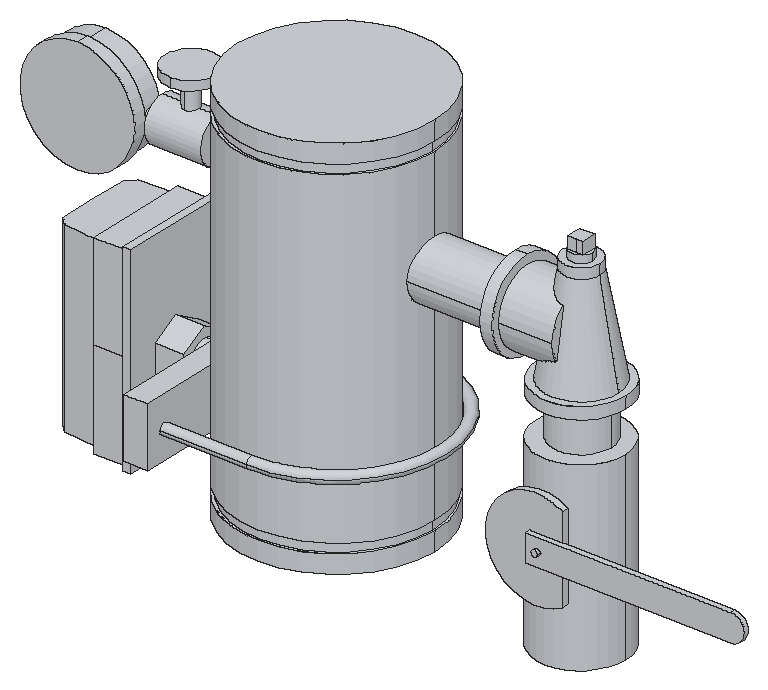
Revit family
Reference planes (in)
  plane 1 "Center (Front/Back)": y = 0
  plane 2: z = 0
  plane 3 "Center (Left/Right)": x = 0
Dimensions and locks (in)
  aligned and locked: plane 2 to level
Nested families (in)
  nested 1: "6FC" at (0, 0, 0), type "RASCO CR COMMERCIAL RISER"
Connectors (in)
  piping at (0, 0, 13)
    settings: on nested 1, index 1, connector radius 3", flow factor 0, pipe flow 0 GPM, pressure drop 0.00 psi, fitting loss kfactor 0, connector angle 0.00°, fixture units 0, flow configuration 0, flow direction 0, fitting loss method 0, system type 7, connector reference index -1, connector utility 0, adjustable connector no, is connector primary yes, fitting loss table "", connector description ""
  piping at (0, 0, 0)
    settings: on nested 1, index 2, connector radius 3", flow factor 0, pipe flow 0 GPM, pressure drop 0.00 psi, fitting loss kfactor 0, connector angle 0.00°, fixture units 0, flow configuration 0, flow direction 0, fitting loss method 0, system type 7, connector reference index -1, connector utility 0, adjustable connector no, is connector primary no, fitting loss table "", connector description ""
  piping at (8.25551, -0.0356, -1)
    settings: on nested 1, index 3, connector radius 1 1/2", flow factor 0, pipe flow 0 GPM, pressure drop 0.00 psi, fitting loss kfactor 0, connector angle 0.00°, fixture units 0, flow configuration 0, flow direction 0, fitting loss method 0, system type 7, connector reference index -1, connector utility 0, adjustable connector no, is connector primary no, fitting loss table "", connector description ""
Definition of nested family "6FC"
  Reference planes (in)
    plane 1 "Center (Front/Back)": y = 0
    plane 2: z = 0
    plane 3 "Center (Left/Right)": x = 0
    plane 4 "ref.1": z = 0.63009
    plane 5 "TOP": z = 13
    plane 6 "GRV": z = 12.375
    plane 7 "REF2": z = 0.94309
    plane 8: x = -10
    plane 9: x = 8
    plane 10: x = 15.5
  Forms (in)
    Extrusion 1, solid
      sketch origin (0, 0, 0) x (1, 0, 0) y (0, 1, 0)
        loop
          circle (0, 0) r 3.3125
      from 0 to 0.625
    Extrusion 2, solid
      sketch origin (5.28, -0.45659, 6.69834) x (-1, 0, 0) y (0, -1, 0)
        loop
          circle (-2.95047, -0.48481) r 1
      from -1.50134 to 0.55
    Extrusion 3, solid
      sketch origin (5.49288, 0, 10.63196) x (-1, 0, 0) y (0, -1, 0)
        loop
          circle (-2.75, 0) r 0.375
      from 0 to 0.2412
    Extrusion 4, solid
      sketch origin (5.48998, 0, 10.63196) x (-1, 0, 0) y (0, -1, 0)
        loop
          line (-2.753, 0.25) -> (-3.003, 0.25) -> (-3.003, -0.25) -> (-2.503, -0.25) -> (-2.503, 0) -> (-2.503, 0.25) -> (-2.753, 0.25)
      from 0.2412 to 0.64184
    Extrusion 5, solid
      sketch origin (0, 0, 0.63009) x (-1, 0, 0) y (0, -1, 0)
        loop
          circle (0, 0) r 3.2275
      from 0 to 0.313
    Extrusion 6, solid
      sketch origin (0, 0, 13) x (-1, 0, 0) y (0, -1, 0)
        loop
          circle (0, 0) r 3.3125
      from 0 to -0.625
    Extrusion 7, solid
      sketch origin (0, 0, 12.375) x (-1, 0, 0) y (0, -1, 0)
        loop
          circle (0, 0) r 3.2275
      from 0 to -0.313
    Extrusion 8, solid
      sketch origin (0, 0, 0.94309) x (-1, 0, 0) y (0, -1, 0)
        loop
          circle (0, 0) r 3.3125
      from 0 to 11.11891
    Extrusion 9, solid
      sketch origin (0, 0, 0) x (0, 1, 0) y (0, 0, 1)
        loop
          circle (0, 9.75) r 0.375
      from 0 to -4.04785
    Extrusion 10, solid
      sketch origin (0, 0, 0) x (0, 1, 0) y (0, 0, 1)
        loop
          circle (0, 8.52128) r 1
      from 0 to 6.02486
    Extrusion 11, solid
      sketch origin (-2.25, -0.07864, -0.13181) x (0, 1, 0) y (0, 0, 1)
        loop
          line (-0.00807, 4.24845) -> (-4.17136, 4.24845) -> (-4.17136, 2.23289) -> (-0.00807, 2.23289) -> (4.3732, 2.23289) -> (4.3732, 4.24845) -> (-0.00807, 4.24845)
      from -0.70202 to -1.5
    Sweep 12, solid
      path origin (0.01124, -0.01472, 0.94309) x (-1, 0, 0) y (0, -1, 0)
        loop
          line (3.87872, 3.56154) -> (0.02076, 3.56154)
          arc (0.02076, 3.56154) -> (-3.54666, -0.00588) -> (0.02076, -3.5733) r 3.56742
          line (0.02076, -3.5733) -> (3.87872, -3.5733)
      profile origin (-1.9385, 3.55858, 0.94309) x (0, -1, 0) y (0, 0, 1)
        loop
          circle (0, 2.14151) r 0.189
  Dimensions and locks (in)
    plane 5 "TOP" to level = 1' - 1"
    plane 10 to plane 8 = 2' - 1 1/2"
    Extrusion 6 to nested 3 = 1' - 2"
    aligned and locked: plane 2 to level
  Nested families (in)
    nested 1: "Gauge3" at (-7.55826, 0.39285, 3.8766), type "RASCO Gauge"
    nested 2: "Water Flow Detector" at (-6.75, 0, -0.59302), type "Water Flow Detector"
    nested 3: "Test-Drain Valve" at (8, -0.86382, -1), type "Test-Drain Valve"
    nested 4: "tee3" at (8.25, 0, 6.54578), type "tee3"
    nested 5: "Globe Valve10" at (-3.75, 0, 9.13067), type "RASCO Globe Valve"
  Definition of nested family "Gauge3"
    Reference planes (in)
      plane 1 "Center (Front/Back)": y = 0
      plane 2: z = 0
      plane 3 "Center (Left/Right)": x = 0
      plane 4: z = 7.47962
      plane 5 "ref.2": y = -0.425
      plane 6 "ref.3": z = 5.65212
      plane 7 "refdt": y = -1.191
    Forms (in)
      Extrusion 1, solid
        sketch origin (6.95412, -1.191, 5.90312) x (0, 0, -1) y (-1, 0, 0)
          loop
            circle (0, 7.47962) r 1.9225
        from 0 to 0.425
      Extrusion 2, solid
        sketch origin (6.95412, -0.766, 5.90312) x (-1, 0, 0) y (0, 0, 1)
          loop
            circle (7.47962, 0) r 1.8275
        from 0 to 0.766
      Extrusion 3, solid
        sketch origin (2.43846, -1.191, 5.90312) x (0, 1, 0) y (0, 0, 1)
          loop
            circle (0.80101, 0) r 0.2725
        from 0 to -1.146
    Lines and regions (in)
      model lines
        curve 1: arc (-0.5255, -1.191, 4.25062) -> (-2.178, -1.191, 5.90312) -> (-0.5255, -1.191, 7.55562) r 1.6525
        curve 2: arc (-0.5255, -1.191, 4.42562) -> (-2.003, -1.191, 5.90312) -> (-0.5255, -1.191, 7.38062) r 1.4775
        curve 3: line (-0.5255, -1.191, 4.25062) -> (-0.5255, -1.191, 4.42562)
        curve 4: line (-0.5255, -1.191, 7.38062) -> (-0.5255, -1.191, 7.55562)
        curve 5: line (-0.32954, -1.191, 5.36925) -> (-1.42319, -1.191, 6.76906)
        curve 6: line (-1.42319, -1.191, 6.76906) -> (-0.17646, -1.191, 5.52233)
        curve 7: line (-0.17646, -1.191, 5.52233) -> (-0.32954, -1.191, 5.36925)
    Dimensions and locks (in)
      aligned and locked: plane 2 to level
  Definition of nested family "Water Flow Detector"
    Reference planes (in)
      plane 1 "Center (Front/Back)": y = 0
      plane 2: z = 0
      plane 3 "Center (Left/Right)": x = 0
    Forms (in)
      Extrusion 1, solid
        sketch origin (3.64489, -0.00807, 3.68167) x (0, 0, -1) y (0, -1, 0)
          loop
            circle (0, 0) r 0.655
        from 0 to 1.32768
      Extrusion 2, solid
        sketch origin (2.31721, -0.00807, 5.11447) x (0, -1, 0) y (0, 0, 1)
          loop
            line (0, -0.43279) -> (-0.86603, -0.93279) -> (-0.86603, -1.93279) -> (0, -2.43279) -> (0.86603, -1.93279) -> (0.86603, -0.93279) -> (0, -0.43279)
        from 0 to 1
      Extrusion 3, solid
        sketch origin (1.31721, -0.00404, 4.28167) x (0, 0, 1) y (0, 1, 0)
          loop
            line (-3.6, 0) -> (-3.6, -1.875) -> (3.15, -1.875) -> (3.15, 1.875) -> (-3.6, 1.875) -> (-3.6, 0)
        from 0 to 0.25
      Extrusion 4, solid
        sketch origin (1.06721, -0.00807, 3.68167) x (0, 0, 1) y (0, 1, 0)
          loop
            line (0.375, -1.765) -> (3.625, -1.765) -> (3.625, 1.765) -> (-2.89, 1.765) -> (-2.89, -1.765) -> (0.375, -1.765)
        from 0 to 1.062
      Extrusion 5, solid
        sketch origin (3.64477, -0.00807, 4.42051) x (-1, 0, 0) y (0, -1, 0)
          loop
            line (3.63968, 0) -> (3.63968, -1.627) -> (4.80895, -1.54524) -> (5.07768, -1.2765) -> (5.07768, 0) -> (5.07768, 1.2765) -> (4.80895, 1.54524) -> (3.63968, 1.627) -> (3.63968, 0)
        from -3.48722 to 2.75684
    Dimensions and locks (in)
      aligned and locked: plane 2 to level
  Definition of nested family "Test-Drain Valve"
    Parameters (values of type "Test-Drain Valve")
      Assembly Code = ""
    Reference planes (in)
      plane 1 "Center (Front/Back)": y = 0
      plane 2: z = 0
      plane 3 "Center (Left/Right)": x = 0
      plane 4 "ref.2": z = 1.03
    Forms (in)
      Extrusion 1, solid
        sketch origin (0.36767, 0.09564, 4.03443) x (1, 0, 0) y (0, 0, 1)
          loop
            circle (-0.00162, -0.38531) r 0.105
        from 0.56904 to 1.36107
      Extrusion 2, solid
        sketch origin (0.5691, -1.26543, 2.41839) x (0, 0, 1) y (-1, 0, 0)
          loop
            line (1.03, 0.56251) -> (0.78111, 0.56251) -> (0.78111, -6.33157)
            arc (0.78111, -6.33157) -> (1.23859, -6.78904) -> (1.69607, -6.33157) r 0.45748
            line (1.69607, -6.33157) -> (1.69607, 0.56251) -> (1.03, 0.56251)
        from -0.26148 to -0.09542
      Extrusion 3, solid
        sketch origin (0.16609, 0.45297, 0) x (1, 0, 0) y (0, 1, 0)
          loop
            circle (0.08942, 0.37525) r 1.5
        from 0 to 6.197
      Extrusion 4, solid
        sketch origin (0.82775, 0.78727, 0.79588) x (1, 0, 0) y (0, 0, 1)
          loop
            line (0.28512, 2.5) -> (0.28512, 4.25)
            arc (0.28512, 4.25) -> (-2.3089, 2.80763) -> (0.28512, 1.36527) r 1.69801
            line (0.28512, 1.36527) -> (0.28512, 2.5)
        from 1.56371 to 1.79121
    Dimensions and locks (in)
      aligned and locked: plane 2 to level
  Definition of nested family "tee3"
    Parameters (values of type "tee3")
      Assembly Code = ""
    Reference planes (in)
      plane 1 "Center (Front/Back)": y = 0
      plane 2: z = 0
      plane 3 "Center (Left/Right)": x = 0
      plane 4 "ref.2": z = 0.4
      plane 5 "re.3": z = 2.00996
    Forms (in)
      Extrusion 1, solid
        sketch origin (0, 0, 0) x (1, 0, 0) y (0, 1, 0)
          loop
            circle (0, 0) r 1.5
        from 0 to 0.4
      Blend 2, solid
        base sketch origin (0, 0, 0.4) x (-1, 0, 0) y (0, -1, 0)
          loop
            circle (0, 0) r 1.25
        top sketch origin (0, 0, 0.4) x (-1, 0, 0) y (0, -1, 0)
          loop
            circle (0, 0) r 0.6225
        from 0 to 3.35
      Extrusion 3, solid
        sketch origin (0.00095, 0, 3.19936) x (-1, 0, 0) y (0, -1, 0)
          loop
            circle (0, 0) r 0.6225
        from 0.88683 to 0.55064
      Extrusion 4, solid
        sketch origin (0, 0.01626, 0.79134) x (0, 1, 0) y (0, 0, 1)
          loop
            circle (-0.00522, 1.18821) r 1.25
        from 0 to -1.82514
      Extrusion 5, solid
        sketch origin (-1.82514, 0, 2.00737) x (0, 0, 1) y (0, 1, 0)
          loop
            circle (0, 0) r 1.5
        from 0 to 0.4
    Dimensions and locks (in)
      aligned and locked: plane 2 to level
  Definition of nested family "Globe Valve10"
    Parameters (values of type "RASCO Globe Valve")
      Assembly Code = ""
    Reference planes (in)
      plane 1 "Center (Front/Back)": y = 0
      plane 2: z = 0
      plane 3 "Center (Left/Right)": x = 0
      plane 4 "ref. side": x = -0.5
      plane 5 "ref. side2": x = -1.734
      plane 6 "ref. side 4": x = -2.763
    Forms (in)
      Extrusion 1, solid
        sketch origin (-0.27216, -0.01249, 0.71909) x (0, 0, -1) y (0, -1, 0)
          loop
            circle (0, 0) r 0.75
        from -0.06079 to 1.82121
      Extrusion 2, solid
        sketch origin (-0.27501, -0.00978, 1.2975) x (0, 1, 0) y (-1, 0, 0)
          loop
            circle (0, 0.86289) r 0.265
        from -0.00766 to 1.234
      Extrusion 3, solid
        sketch origin (-0.28892, 0.00562, 2.36212) x (0, 1, 0) y (-1, 0, 0)
          loop
            circle (0, 0.85138) r 0.87523
        from 0 to 0.3
    Dimensions and locks (in)
      aligned and locked: plane 2 to level
